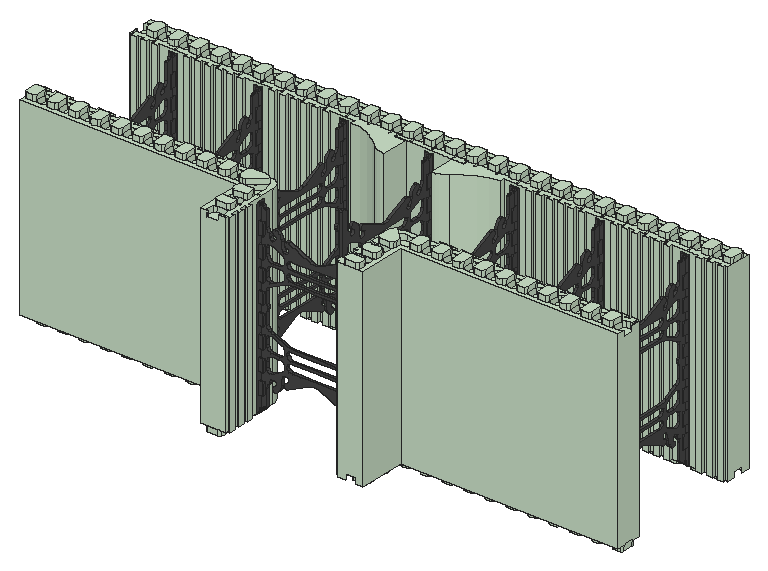
Revit family (continued)
Forms (mm)
  Extrusion 109, void
    sketch origin (-914.381, -0.02, 0) x (0, -1, 0) y (1, 0, 0)
      loop
        arc (-130.453, 639.396) -> (-128.147, 636.215) -> (-124.411, 635) r 6.35
        line (-124.411, 635) -> (-101.014, 635)
        arc (-101.014, 635) -> (-97.278, 636.215) -> (-94.972, 639.396) r 6.35
        arc (-94.972, 639.396) -> (-93.737, 645.691) -> (-94.024, 652.1) r 26.988
        arc (-94.024, 652.1) -> (-93.668, 653.385) -> (-92.457, 653.946) r 1.588
        line (-92.457, 653.946) -> (-86.829, 653.946) -> (-86.829, 658.285) -> (-95.62, 658.285)
        arc (-95.62, 658.285) -> (-96.199, 658.394) -> (-96.698, 658.708) r 1.588
        arc (-96.698, 658.708) -> (-98.696, 659.961) -> (-101.014, 660.4) r 6.35
        line (-101.014, 660.4) -> (-124.411, 660.4)
        arc (-124.411, 660.4) -> (-128.147, 659.184) -> (-130.453, 656.003) r 6.35
        arc (-130.453, 656.003) -> (-131.763, 647.7) -> (-130.453, 639.396) r 26.987
    from 0 to 12.7
  Extrusion 110, void
    sketch origin (1320.818, -0.02, 0) x (0, -1, 0) y (1, 0, 0)
      loop
        arc (-130.453, -639.396) -> (-131.763, -647.7) -> (-130.453, -656.003) r 26.987
        arc (-130.453, -656.003) -> (-128.147, -659.184) -> (-124.411, -660.4) r 6.35
        line (-124.411, -660.4) -> (-101.014, -660.4)
        arc (-101.014, -660.4) -> (-98.696, -659.961) -> (-96.698, -658.708) r 6.35
        arc (-96.698, -658.708) -> (-96.199, -658.394) -> (-95.62, -658.285) r 1.588
        line (-95.62, -658.285) -> (-86.829, -658.285) -> (-86.829, -653.946) -> (-92.457, -653.946)
        arc (-92.457, -653.946) -> (-93.668, -653.385) -> (-94.024, -652.1) r 1.588
        arc (-94.024, -652.1) -> (-93.737, -645.691) -> (-94.972, -639.396) r 26.988
        arc (-94.972, -639.396) -> (-97.278, -636.215) -> (-101.014, -635) r 6.35
        line (-101.014, -635) -> (-124.411, -635)
        arc (-124.411, -635) -> (-128.147, -636.215) -> (-130.453, -639.396) r 6.35
    from 457.2 to 444.5
  Extrusion 111, void
    sketch origin (50.819, -0.02, 0) x (0, -1, 0) y (1, 0, 0)
      loop
        arc (-130.453, 639.396) -> (-128.147, 636.215) -> (-124.411, 635) r 6.35
        line (-124.411, 635) -> (-101.014, 635)
        arc (-101.014, 635) -> (-97.278, 636.215) -> (-94.972, 639.396) r 6.35
        arc (-94.972, 639.396) -> (-93.737, 645.691) -> (-94.024, 652.1) r 26.988
        arc (-94.024, 652.1) -> (-93.668, 653.385) -> (-92.457, 653.946) r 1.588
        line (-92.457, 653.946) -> (-86.829, 653.946) -> (-86.829, 658.285) -> (-95.62, 658.285)
        arc (-95.62, 658.285) -> (-96.199, 658.394) -> (-96.698, 658.708) r 1.588
        arc (-96.698, 658.708) -> (-98.696, 659.962) -> (-101.014, 660.4) r 6.35
        line (-101.014, 660.4) -> (-124.411, 660.4)
        arc (-124.411, 660.4) -> (-128.147, 659.184) -> (-130.453, 656.003) r 6.35
        arc (-130.453, 656.003) -> (-131.763, 647.7) -> (-130.453, 639.396) r 26.987
    from 0 to 12.7
  Extrusion 112, solid, material "NUDURA Expanded Polystyrene Foam Insulation"
    sketch origin (0.018, -0.019, 0) x (1, 0, 0) y (0, 1, 0)
      loop
        line (133.35, 142.939) -> (-31.75, 142.939) -> (-31.75, 131.479) -> (-25.4, 133.18) -> (-25.4, 117.763) -> (-31.75, 119.346) -> (-31.75, 106.079) -> (-25.4, 107.78) -> (-25.4, 92.363) -> (-31.75, 93.946) -> (-31.75, 82.55) -> (133.35, 82.55) -> (133.35, 93.946) -> (127, 92.363) -> (127, 107.78) -> (133.35, 106.079) -> (133.35, 119.346) -> (127, 117.763) -> (127, 133.18) -> (133.35, 131.479) -> (133.35, 142.939)
    from 0 to 457.2
  Extrusion 113, void
    sketch origin (1371.618, -0.02, 0) x (0, -1, 0) y (1, 0, 0)
      loop
        arc (-130.453, -639.396) -> (-131.763, -647.7) -> (-130.453, -656.003) r 26.987
        arc (-130.453, -656.003) -> (-128.147, -659.184) -> (-124.411, -660.4) r 6.35
        line (-124.411, -660.4) -> (-101.014, -660.4)
        arc (-101.014, -660.4) -> (-98.696, -659.961) -> (-96.698, -658.708) r 6.35
        arc (-96.698, -658.708) -> (-96.199, -658.394) -> (-95.62, -658.285) r 1.588
        line (-95.62, -658.285) -> (-86.829, -658.285) -> (-86.829, -653.946) -> (-92.457, -653.946)
        arc (-92.457, -653.946) -> (-93.668, -653.385) -> (-94.024, -652.1) r 1.588
        arc (-94.024, -652.1) -> (-93.737, -645.691) -> (-94.972, -639.396) r 26.988
        arc (-94.972, -639.396) -> (-97.278, -636.215) -> (-101.014, -635) r 6.35
        line (-101.014, -635) -> (-124.411, -635)
        arc (-124.411, -635) -> (-128.147, -636.215) -> (-130.453, -639.396) r 6.35
    from 457.2 to 444.5
  Extrusion 114, void
    sketch origin (101.619, -0.02, 0) x (0, -1, 0) y (1, 0, 0)
      loop
        arc (-130.453, 639.396) -> (-128.147, 636.215) -> (-124.411, 635) r 6.35
        line (-124.411, 635) -> (-101.014, 635)
        arc (-101.014, 635) -> (-97.278, 636.215) -> (-94.972, 639.396) r 6.35
        arc (-94.972, 639.396) -> (-93.737, 645.691) -> (-94.024, 652.1) r 26.988
        arc (-94.024, 652.1) -> (-93.668, 653.385) -> (-92.457, 653.946) r 1.588
        line (-92.457, 653.946) -> (-86.829, 653.946) -> (-86.829, 658.285) -> (-95.62, 658.285)
        arc (-95.62, 658.285) -> (-96.199, 658.394) -> (-96.698, 658.708) r 1.588
        arc (-96.698, 658.708) -> (-98.696, 659.962) -> (-101.014, 660.4) r 6.35
        line (-101.014, 660.4) -> (-124.411, 660.4)
        arc (-124.411, 660.4) -> (-128.147, 659.184) -> (-130.453, 656.003) r 6.35
        arc (-130.453, 656.003) -> (-131.763, 647.7) -> (-130.453, 639.396) r 26.987
    from 0 to 12.7
  Extrusion 115, void
    sketch origin (609.618, -0.02, 0) x (0, -1, 0) y (1, 0, 0)
      loop
        arc (-130.453, -639.396) -> (-131.763, -647.7) -> (-130.453, -656.003) r 26.987
        arc (-130.453, -656.003) -> (-128.147, -659.184) -> (-124.411, -660.4) r 6.35
        line (-124.411, -660.4) -> (-101.014, -660.4)
        arc (-101.014, -660.4) -> (-98.696, -659.961) -> (-96.698, -658.708) r 6.35
        arc (-96.698, -658.708) -> (-96.199, -658.394) -> (-95.62, -658.285) r 1.588
        line (-95.62, -658.285) -> (-86.829, -658.285) -> (-86.829, -653.946) -> (-92.457, -653.946)
        arc (-92.457, -653.946) -> (-93.668, -653.385) -> (-94.024, -652.1) r 1.588
        arc (-94.024, -652.1) -> (-93.737, -645.691) -> (-94.972, -639.396) r 26.988
        arc (-94.972, -639.396) -> (-97.278, -636.215) -> (-101.014, -635) r 6.35
        line (-101.014, -635) -> (-124.411, -635)
        arc (-124.411, -635) -> (-128.147, -636.215) -> (-130.453, -639.396) r 6.35
    from 457.2 to 444.5
Cuts and joins
  Extrusion 2, Extrusion 3, Extrusion 4, Extrusion 5, Extrusion 6, Extrusion 7, Extrusion 8, Extrusion 9, Extrusion 10, Extrusion 11, Extrusion 12, Extrusion 13, Extrusion 14, Extrusion 15, Extrusion 16, Extrusion 17, Extrusion 18, Extrusion 19, Extrusion 20, Extrusion 21, Extrusion 22, Extrusion 23, Extrusion 24, Extrusion 25, Extrusion 30, Extrusion 31, Extrusion 32, Extrusion 33, Extrusion 34, Extrusion 35, Extrusion 39, Extrusion 40, Extrusion 41, Extrusion 46, Extrusion 47, Extrusion 48, Extrusion 49, Extrusion 50, Extrusion 51, Extrusion 52, Extrusion 53, Extrusion 54, Extrusion 55, Extrusion 56, Extrusion 57, Extrusion 58, Extrusion 59, Extrusion 60, Extrusion 61, Extrusion 62, Extrusion 63, Extrusion 64, Extrusion 65, Extrusion 66, Extrusion 67, Extrusion 68, Extrusion 69, Extrusion 70, Extrusion 71, Extrusion 72, Extrusion 73, Extrusion 74, Extrusion 75, Extrusion 76, Extrusion 77, Extrusion 78, Extrusion 79, Extrusion 80, Extrusion 81, Extrusion 82, Extrusion 83, Extrusion 84, Extrusion 85, Extrusion 86, Extrusion 87, Extrusion 88, Extrusion 89, Extrusion 90, Extrusion 91, Extrusion 92, Extrusion 93, Extrusion 94, Extrusion 95, Extrusion 96, Extrusion 97, Extrusion 98, Extrusion 99, Extrusion 100, Extrusion 101, Extrusion 102, Extrusion 103, Extrusion 104, Extrusion 105, Extrusion 106, Extrusion 107, Extrusion 108, Extrusion 109, Extrusion 110, Extrusion 111, Extrusion 113, Extrusion 114, Extrusion 115 cuts Extrusion 1
  Extrusion 4 cuts Extrusion 43
  Extrusion 8 cuts Extrusion 44
  Extrusion 13 cuts Extrusion 42
  Extrusion 19 cuts Extrusion 45
  Extrusion 26, Extrusion 27, Extrusion 28, Extrusion 29, Extrusion 36, Extrusion 37, Extrusion 38 cuts Extrusion 112
Lines and regions (mm)
  model lines
    curve 1: line (0.018, 142.92, 457.2) -> (0.018, 142.92, 0)
    curve 2: line (-50.782, 142.92, 0) -> (-50.782, 142.92, 457.2)
Dimensions and locks
  aligned and locked: level to plane 2
  aligned and locked: Extrusion 1 to level
  aligned and locked: nested 40 to nested 41
  aligned and locked: nested 108 to nested 40
  aligned and locked: nested 113 to nested 110
Nested families
  nested 1: "Interlock Tooth" at (101.618, -355.619, 0) x (0, 1, 0) z (0, 0, 1), type "Interlock Tooth"
  nested 2: "Interlock Tooth" at (101.618, -304.819, 0) x (0, 1, 0) z (0, 0, 1), type "Interlock Tooth"
  nested 3: "Interlock Tooth" at (0.018, -330.219, 0) x (0, 1, 0) z (0, 0, 1), type "Interlock Tooth"
  nested 4: "Interlock Tooth" at (0.018, -279.419, 0) x (0, 1, 0) z (0, 0, 1), type "Interlock Tooth"
  nested 5: "Interlock Tooth" at (-253.982, -101.619, 0), type "Interlock Tooth"
  nested 6: "Interlock Tooth" at (-203.182, -101.619, 0), type "Interlock Tooth"
  nested 7: "Interlock Tooth" at (254.018, -101.619, 0), type "Interlock Tooth"
  nested 8: "Interlock Tooth" at (304.818, -101.619, 0), type "Interlock Tooth"
  nested 9: "Interlock Tooth" at (-228.582, -101.619, -469.9), type "Interlock Tooth"
  nested 10: "Interlock Tooth" at (-177.782, -101.619, -469.9), type "Interlock Tooth"
  nested 11: "Interlock Tooth" at (330.218, -101.619, -469.9), type "Interlock Tooth"
  nested 12: "Interlock Tooth" at (279.418, -101.619, -469.9), type "Interlock Tooth"
  nested 13: "Interlock Tooth" at (0.018, -330.219, -469.9) x (0, -1, 0) z (0, 0, 1), type "Interlock Tooth"
  nested 14: "Interlock Tooth" at (0.018, -279.419, -469.9) x (0, -1, 0) z (0, 0, 1), type "Interlock Tooth"
  nested 15: "Interlock Tooth" at (101.618, -330.219, -469.9) x (0, 1, 0) z (0, 0, 1), type "Interlock Tooth"
  nested 16: "Interlock Tooth" at (101.618, -279.419, -469.9) x (0, 1, 0) z (0, 0, 1), type "Interlock Tooth"
  nested 17: "Interlock Tooth" at (-203.182, -0.02, 0) x (-1, 0, 0) z (0, 0, 1), type "Interlock Tooth"
  nested 18: "Interlock Tooth" at (-228.582, -0.02, -469.9) x (-1, 0, 0) z (0, 0, 1), type "Interlock Tooth"
  nested 19: "Interlock Tooth" at (-152.382, -0.02, 0) x (-1, 0, 0) z (0, 0, 1), type "Interlock Tooth"
  nested 20: "Interlock Tooth" at (-177.782, -0.02, -469.9) x (-1, 0, 0) z (0, 0, 1), type "Interlock Tooth"
  nested 21: "Interlock Tooth" at (-101.582, -0.02, 0) x (-1, 0, 0) z (0, 0, 1), type "Interlock Tooth"
  nested 22: "Interlock Tooth" at (-126.982, -0.02, -469.9) x (-1, 0, 0) z (0, 0, 1), type "Interlock Tooth"
  nested 23: "Interlock Tooth" at (-50.782, -0.02, 0) x (-1, 0, 0) z (0, 0, 1), type "Interlock Tooth"
  nested 24: "Interlock Tooth" at (-76.182, -0.02, -469.9) x (-1, 0, 0) z (0, 0, 1), type "Interlock Tooth"
  nested 25: "Interlock Tooth" at (0.018, -0.02, 0) x (-1, 0, 0) z (0, 0, 1), type "Interlock Tooth"
  nested 26: "Interlock Tooth" at (-25.382, -0.02, -469.9) x (-1, 0, 0) z (0, 0, 1), type "Interlock Tooth"
  nested 27: "Interlock Tooth" at (50.818, -0.02, 0) x (-1, 0, 0) z (0, 0, 1), type "Interlock Tooth"
  nested 28: "Interlock Tooth" at (25.418, -0.02, -469.9) x (-1, 0, 0) z (0, 0, 1), type "Interlock Tooth"
  nested 29: "Interlock Tooth" at (101.618, -0.02, 0) x (-1, 0, 0) z (0, 0, 1), type "Interlock Tooth"
  nested 30: "Interlock Tooth" at (76.218, -0.02, -469.9) x (-1, 0, 0) z (0, 0, 1), type "Interlock Tooth"
  nested 31: "Interlock Tooth" at (152.418, -0.02, 0) x (-1, 0, 0) z (0, 0, 1), type "Interlock Tooth"
  nested 32: "Interlock Tooth" at (127.018, -0.02, -469.9) x (-1, 0, 0) z (0, 0, 1), type "Interlock Tooth"
  nested 33: "Interlock Tooth" at (203.218, -0.02, 0) x (-1, 0, 0) z (0, 0, 1), type "Interlock Tooth"
  nested 34: "Interlock Tooth" at (177.818, -0.02, -469.9) x (-1, 0, 0) z (0, 0, 1), type "Interlock Tooth"
  nested 35: "Interlock Tooth" at (254.018, -0.02, 0) x (-1, 0, 0) z (0, 0, 1), type "Interlock Tooth"
  nested 36: "Interlock Tooth" at (228.618, -0.02, -469.9) x (-1, 0, 0) z (0, 0, 1), type "Interlock Tooth"
  nested 37: "NUDURA Diamond Pattern Missing Two Lines" at (-285.732, -355.619, 0) x (0, 1, 0) z (0, 0, 1), type "NUDURA Diamond Pattern minus Two lines"
  nested 38: "NUDURA Diamond Pattern Missing Two Lines" at (-253.982, -101.619, 0), type "NUDURA Diamond Pattern minus Two lines"
  nested 39: "NUDURA Diamond Pattern Missing Two Lines" at (101.618, -355.619, 0) x (0, 1, 0) z (0, 0, 1), type "NUDURA Diamond Pattern minus Two lines"
  nested 40: "NUDURA Logo Diamond" at (558.753, 142.92, 0) x (-1, 0, 0) z (0, 0, 1), type "NUDURA Logo Diamond"
  nested 41: "NUDURA Logo Diamond" at (152.353, 142.92, 0) x (-1, 0, 0) z (0, 0, 1), type "NUDURA Logo Diamond"
  nested 42: "Interlock Tooth" at (-406.382, -0.02, 0) x (-1, 0, 0) z (0, 0, 1), type "Interlock Tooth"
  nested 43: "Interlock Tooth" at (-355.582, -0.02, 0) x (-1, 0, 0) z (0, 0, 1), type "Interlock Tooth"
  nested 44: "Interlock Tooth" at (-304.782, -0.02, 0) x (-1, 0, 0) z (0, 0, 1), type "Interlock Tooth"
  nested 45: "Interlock Tooth" at (-253.982, -0.02, 0) x (-1, 0, 0) z (0, 0, 1), type "Interlock Tooth"
  nested 46: "Interlock Tooth" at (-457.182, -0.02, 0) x (-1, 0, 0) z (0, 0, 1), type "Interlock Tooth"
  nested 47: "Interlock Tooth" at (-609.582, -0.02, 0) x (-1, 0, 0) z (0, 0, 1), type "Interlock Tooth"
  nested 48: "Interlock Tooth" at (-558.782, -0.02, 0) x (-1, 0, 0) z (0, 0, 1), type "Interlock Tooth"
  nested 49: "Interlock Tooth" at (-507.982, -0.02, 0) x (-1, 0, 0) z (0, 0, 1), type "Interlock Tooth"
  nested 50: "Interlock Tooth" at (-355.582, -101.619, 0), type "Interlock Tooth"
  nested 51: "Interlock Tooth" at (-304.782, -101.619, 0), type "Interlock Tooth"
  nested 52: "Interlock Tooth" at (-457.182, -101.619, 0), type "Interlock Tooth"
  nested 53: "Interlock Tooth" at (-406.382, -101.619, 0), type "Interlock Tooth"
  nested 54: "Interlock Tooth" at (-558.782, -101.619, 0), type "Interlock Tooth"
  nested 55: "Interlock Tooth" at (-507.982, -101.619, 0), type "Interlock Tooth"
  nested 56: "Interlock Tooth" at (-660.382, -101.619, 0), type "Interlock Tooth"
  nested 57: "Interlock Tooth" at (-609.582, -101.619, 0), type "Interlock Tooth"
  nested 58: "Interlock Tooth" at (355.618, -101.619, 0), type "Interlock Tooth"
  nested 59: "Interlock Tooth" at (406.418, -101.619, 0), type "Interlock Tooth"
  nested 60: "Interlock Tooth" at (457.218, -101.619, 0), type "Interlock Tooth"
  nested 61: "Interlock Tooth" at (508.018, -101.619, 0), type "Interlock Tooth"
  nested 62: "Interlock Tooth" at (558.818, -101.619, 0), type "Interlock Tooth"
  nested 63: "Interlock Tooth" at (609.618, -101.619, 0), type "Interlock Tooth"
  nested 64: "Interlock Tooth" at (660.418, -101.619, 0), type "Interlock Tooth"
  nested 65: "Interlock Tooth" at (711.218, -101.619, 0), type "Interlock Tooth"
  nested 66: "Interlock Tooth" at (355.618, -0.02, 0) x (-1, 0, 0) z (0, 0, 1), type "Interlock Tooth"
  nested 67: "Interlock Tooth" at (406.418, -0.02, 0) x (-1, 0, 0) z (0, 0, 1), type "Interlock Tooth"
  nested 68: "Interlock Tooth" at (457.218, -0.02, 0) x (-1, 0, 0) z (0, 0, 1), type "Interlock Tooth"
  nested 69: "Interlock Tooth" at (508.018, -0.02, 0) x (-1, 0, 0) z (0, 0, 1), type "Interlock Tooth"
  nested 70: "Interlock Tooth" at (558.818, -0.02, 0) x (-1, 0, 0) z (0, 0, 1), type "Interlock Tooth"
  nested 71: "Interlock Tooth" at (609.618, -0.02, 0) x (-1, 0, 0) z (0, 0, 1), type "Interlock Tooth"
  nested 72: "Interlock Tooth" at (660.418, -0.02, 0) x (-1, 0, 0) z (0, 0, 1), type "Interlock Tooth"
  nested 73: "Interlock Tooth" at (304.818, -0.02, 0) x (-1, 0, 0) z (0, 0, 1), type "Interlock Tooth"
  nested 74: "Interlock Tooth" at (-330.182, -101.619, -469.9), type "Interlock Tooth"
  nested 75: "Interlock Tooth" at (-279.382, -101.619, -469.9), type "Interlock Tooth"
  nested 76: "Interlock Tooth" at (-431.782, -101.619, -469.9), type "Interlock Tooth"
  nested 77: "Interlock Tooth" at (-380.982, -101.619, -469.9), type "Interlock Tooth"
  nested 78: "Interlock Tooth" at (-533.382, -101.619, -469.9), type "Interlock Tooth"
  nested 79: "Interlock Tooth" at (-482.582, -101.619, -469.9), type "Interlock Tooth"
  nested 80: "Interlock Tooth" at (-634.982, -101.619, -469.9), type "Interlock Tooth"
  nested 81: "Interlock Tooth" at (-584.182, -101.619, -469.9), type "Interlock Tooth"
  nested 82: "Interlock Tooth" at (431.818, -101.619, -469.9), type "Interlock Tooth"
  nested 83: "Interlock Tooth" at (381.018, -101.619, -469.9), type "Interlock Tooth"
  nested 84: "Interlock Tooth" at (533.418, -101.619, -469.9), type "Interlock Tooth"
  nested 85: "Interlock Tooth" at (482.618, -101.619, -469.9), type "Interlock Tooth"
  nested 86: "Interlock Tooth" at (635.018, -101.619, -469.9), type "Interlock Tooth"
  nested 87: "Interlock Tooth" at (584.218, -101.619, -469.9), type "Interlock Tooth"
  nested 88: "Interlock Tooth" at (736.618, -101.619, -469.9), type "Interlock Tooth"
  nested 89: "Interlock Tooth" at (685.818, -101.619, -469.9), type "Interlock Tooth"
  nested 90: "Interlock Tooth" at (279.418, -0.02, -469.9) x (-1, 0, 0) z (0, 0, 1), type "Interlock Tooth"
  nested 91: "Interlock Tooth" at (330.218, -0.02, -469.9) x (-1, 0, 0) z (0, 0, 1), type "Interlock Tooth"
  nested 92: "Interlock Tooth" at (381.018, -0.02, -469.9) x (-1, 0, 0) z (0, 0, 1), type "Interlock Tooth"
  nested 93: "Interlock Tooth" at (431.818, -0.02, -469.9) x (-1, 0, 0) z (0, 0, 1), type "Interlock Tooth"
  nested 94: "Interlock Tooth" at (482.618, -0.02, -469.9) x (-1, 0, 0) z (0, 0, 1), type "Interlock Tooth"
  nested 95: "Interlock Tooth" at (533.418, -0.02, -469.9) x (-1, 0, 0) z (0, 0, 1), type "Interlock Tooth"
  nested 96: "Interlock Tooth" at (584.218, -0.02, -469.9) x (-1, 0, 0) z (0, 0, 1), type "Interlock Tooth"
  nested 97: "Interlock Tooth" at (635.018, -0.02, -469.9) x (-1, 0, 0) z (0, 0, 1), type "Interlock Tooth"
  nested 98: "Interlock Tooth" at (-634.982, -0.02, -469.9) x (-1, 0, 0) z (0, 0, 1), type "Interlock Tooth"
  nested 99: "Interlock Tooth" at (-584.182, -0.02, -469.9) x (-1, 0, 0) z (0, 0, 1), type "Interlock Tooth"
  nested 100: "Interlock Tooth" at (-533.382, -0.02, -469.9) x (-1, 0, 0) z (0, 0, 1), type "Interlock Tooth"
  nested 101: "Interlock Tooth" at (-482.582, -0.02, -469.9) x (-1, 0, 0) z (0, 0, 1), type "Interlock Tooth"
  nested 102: "Interlock Tooth" at (-431.782, -0.02, -469.9) x (-1, 0, 0) z (0, 0, 1), type "Interlock Tooth"
  nested 103: "Interlock Tooth" at (-380.982, -0.02, -469.9) x (-1, 0, 0) z (0, 0, 1), type "Interlock Tooth"
  nested 104: "Interlock Tooth" at (-330.182, -0.02, -469.9) x (-1, 0, 0) z (0, 0, 1), type "Interlock Tooth"
  nested 105: "Interlock Tooth" at (-279.382, -0.02, -469.9) x (-1, 0, 0) z (0, 0, 1), type "Interlock Tooth"
  nested 106: "NUDURA Diamond Pattern" at (-660.382, 285.795, 0), type "NUDURA Diamond Pattern"
  nested 107: "NUDURA Diamond Pattern" at (-457.182, 285.795, 0), type "NUDURA Diamond Pattern"
  nested 108: "NUDURA Diamond Pattern" at (558.818, 0.045, 0) x (-1, 0, 0) z (0, 0, 1), type "NUDURA Diamond Pattern"
  nested 109: "NUDURA Diamond Pattern" at (762.018, 0.045, 0) x (-1, 0, 0) z (0, 0, 1), type "NUDURA Diamond Pattern"
  nested 110: "NUDURA Logo Diamond" at (355.683, -244.429, 0), type "NUDURA Logo Diamond"
  nested 111: "NUDURA Logo Diamond" at (-863.517, -244.429, 0), type "NUDURA Logo Diamond"
  nested 112: "NUDURA Diamond Pattern" at (-457.182, -101.554, 0), type "NUDURA Diamond Pattern"
  nested 113: "NUDURA Diamond Pattern" at (355.618, -101.554, 0), type "NUDURA Diamond Pattern"
  nested 114: "NUDURA Diamond Pattern Missing Left Line" at (152.418, -101.554, 0), type "NUDURA Diamond Pattern missing left line"
  nested 115: "Interlock Tooth" at (711.218, -0.02, 0) x (-1, 0, 0) z (0, 0, 1), type "Interlock Tooth"
  nested 116: "Interlock Tooth" at (685.818, -0.02, -469.9) x (-1, 0, 0) z (0, 0, 1), type "Interlock Tooth"
  nested 117: "Interlock Tooth" at (762.018, -0.02, 0) x (-1, 0, 0) z (0, 0, 1), type "Interlock Tooth"
  nested 118: "Interlock Tooth" at (736.618, -0.02, -469.9) x (-1, 0, 0) z (0, 0, 1), type "Interlock Tooth"
  nested 119: "10-inch Insert Web" at (-558.782, -50.819, 0), type "10-inch Insert Web"
  nested 120: "10-inch Insert Web" at (-355.582, -50.819, 0), type "10-inch Insert Web"
  nested 121: "10-inch Insert Web" at (-152.382, -50.819, 0), type "10-inch Insert Web"
  nested 122: "10-inch Insert Web" at (254.018, -50.819, 0), type "10-inch Insert Web"
  nested 123: "10-inch Insert Web" at (457.218, -50.819, 0), type "10-inch Insert Web"
  nested 124: "10-inch Insert Web" at (660.418, -50.819, 0), type "10-inch Insert Web"
  nested 125: "10-inch Insert Web w One Fastening Strip" at (50.818, -50.819, 0) x (-1, 0, 0) z (0, 0, 1), type "10-inch Insert Web w One Fastening Strip"
  nested 126: "10-inch Insert Web" at (50.818, -254.019, 0) x (0, 1, 0) z (0, 0, 1), type "10-inch Insert Web"
  nested 127: "NUDURA Diamond Pattern" at (152.418, 0.045, 0) x (-1, 0, 0) z (0, 0, 1), type "NUDURA Diamond Pattern"
Definition of nested family "Interlock Tooth"
  Reference planes
    plane 1 "Center (Front/Back)": y = 0
    plane 2: z = 0
    plane 3 "Center (Left/Right)": x = 0
    plane 4: z = 457.2
    plane 5: z = 469.9
    plane 6: z = -12.7
  Forms (mm)
    Extrusion 1, solid, material "NUDURA Expanded Polystyrene Foam Insulation"
      sketch origin (0, -225.425, 0) x (1, 0, 0) y (0, 1, 0)
        loop
          arc (0, 101.014) -> (1.215, 97.278) -> (4.396, 94.972) r 6.35
          arc (4.396, 94.972) -> (12.7, 93.663) -> (21.004, 94.972) r 26.988
          arc (21.004, 94.972) -> (24.185, 97.278) -> (25.4, 101.014) r 6.35
          line (25.4, 101.014) -> (25.4, 124.411)
          arc (25.4, 124.411) -> (24.185, 128.147) -> (21.004, 130.453) r 6.35
          arc (21.004, 130.453) -> (12.7, 131.763) -> (4.396, 130.453) r 26.987
          arc (4.396, 130.453) -> (1.215, 128.147) -> (0, 124.411) r 6.35
          line (0, 124.411) -> (0, 101.014)
      from 457.2 to 469.9
  Dimensions and locks
    locked: plane 4 to level at 457.2
    locked: plane 4 to plane 5 at 12.7
    locked: plane 6 to level at 12.7
Definition of nested family "10-inch Insert Web"
  Reference planes
    plane 1 "Center (Front/Back)": y = 0
    plane 2: z = 0
    plane 3 "Center (Left/Right)": x = 0
  Forms (mm)
    Extrusion 1, solid, material "High Density Polystyrene"
      sketch origin (0, 0, 0) x (0, 1, 0) y (0, 0, 1)
        loop
          line (133.35, 0) -> (133.35, 450.744)
          arc (133.35, 450.744) -> (132.617, 450.243) -> (132.334, 449.4) r 1.397
          line (132.334, 449.4) -> (132.334, 1.344)
          arc (132.334, 1.344) -> (132.617, 0.502) -> (133.35, 0) r 1.397
        loop
          arc (-133.35, 0) -> (-132.617, 0.502) -> (-132.334, 1.344) r 1.397
          line (-132.334, 1.344) -> (-132.334, 449.4)
          arc (-132.334, 449.4) -> (-132.617, 450.243) -> (-133.35, 450.744) r 1.397
          line (-133.35, 450.744) -> (-133.35, 0)
      from 9.227 to -9.227
    Extrusion 2, solid, material "High Density Polystyrene"
      sketch origin (0, 0, 0) x (0, 1, 0) y (0, 0, 1)
        loop
          arc (131.798, 442.16) -> (132.175, 442.021) -> (132.334, 441.652) r 0.508
          line (132.334, 441.652) -> (132.334, 447.972)
          arc (132.334, 447.972) -> (132.229, 447.585) -> (131.942, 447.306) r 0.762
          line (131.942, 447.306) -> (130.186, 446.33)
          arc (130.186, 446.33) -> (129.899, 446.05) -> (129.794, 445.664) r 0.762
          line (129.794, 445.664) -> (129.794, 442.585)
          arc (129.794, 442.585) -> (129.953, 442.216) -> (130.33, 442.078) r 0.508
          line (130.33, 442.078) -> (131.798, 442.16)
        loop
          line (-130.186, 446.33) -> (-131.942, 447.306)
          arc (-131.942, 447.306) -> (-132.229, 447.585) -> (-132.334, 447.972) r 0.762
          line (-132.334, 447.972) -> (-132.334, 441.652)
          arc (-132.334, 441.652) -> (-132.175, 442.021) -> (-131.798, 442.16) r 0.508
          line (-131.798, 442.16) -> (-130.33, 442.078)
          arc (-130.33, 442.078) -> (-129.953, 442.216) -> (-129.794, 442.585) r 0.508
          line (-129.794, 442.585) -> (-129.794, 445.664)
          arc (-129.794, 445.664) -> (-129.899, 446.05) -> (-130.186, 446.33) r 0.762
        loop
          line (131.798, 8.585) -> (130.33, 8.666)
          arc (130.33, 8.666) -> (129.953, 8.528) -> (129.794, 8.159) r 0.508
          line (129.794, 8.159) -> (129.794, 5.08)
          arc (129.794, 5.08) -> (129.899, 4.694) -> (130.186, 4.414) r 0.762
          line (130.186, 4.414) -> (131.942, 3.439)
          arc (131.942, 3.439) -> (132.229, 3.159) -> (132.334, 2.772) r 0.762
          line (132.334, 2.772) -> (132.334, 9.092)
          arc (132.334, 9.092) -> (132.175, 8.723) -> (131.798, 8.585) r 0.508
        loop
          arc (-130.186, 4.414) -> (-129.899, 4.694) -> (-129.794, 5.08) r 0.762
          line (-129.794, 5.08) -> (-129.794, 8.159)
          arc (-129.794, 8.159) -> (-129.953, 8.528) -> (-130.33, 8.666) r 0.508
          line (-130.33, 8.666) -> (-131.798, 8.585)
          arc (-131.798, 8.585) -> (-132.175, 8.723) -> (-132.334, 9.092) r 0.508
          line (-132.334, 9.092) -> (-132.334, 2.772)
          arc (-132.334, 2.772) -> (-132.229, 3.159) -> (-131.942, 3.439) r 0.762
          line (-131.942, 3.439) -> (-130.186, 4.414)
        loop
          line (127, 437.076) -> (125.095, 442.918)
          arc (125.095, 442.918) -> (123.825, 443.68) -> (122.555, 442.918) r 1.439
          line (122.555, 442.918) -> (121.313, 439.108) -> (118.083, 439.108)
          arc (118.083, 439.108) -> (117.204, 438.744) -> (116.84, 437.865) r 1.243
          line (116.84, 437.865) -> (116.84, 437.076) -> (114.3, 437.076) -> (114.3, 400.201)
          arc (114.3, 400.201) -> (112.544, 393.421) -> (107.718, 388.345) r 13.97
          arc (107.718, 388.345) -> (106.485, 386.915) -> (106.281, 385.039) r 3.175
          arc (106.281, 385.039) -> (94.976, 376.743) -> (95.802, 390.741) r 7.747
          arc (95.802, 390.741) -> (98.914, 398.005) -> (91.65, 401.117) r 5.588
          arc (91.65, 401.117) -> (82.659, 393.619) -> (79.799, 382.266) r 18.923
          arc (79.799, 382.266) -> (78.691, 371.727) -> (75.421, 361.646) r 50.8
          arc (75.421, 361.646) -> (62.744, 361.552) -> (66.95, 373.51) r 7.747
          arc (66.95, 373.51) -> (70.834, 381.929) -> (61.911, 384.447) r 6.096
          line (61.911, 384.447) -> (12.7, 361.328)
          arc (12.7, 361.328) -> (6.523, 359.099) -> (0, 358.343) r 28.508
          arc (0, 358.343) -> (-6.523, 359.099) -> (-12.7, 361.328) r 28.508
          line (-12.7, 361.328) -> (-61.911, 384.447)
          arc (-61.911, 384.447) -> (-70.834, 381.929) -> (-66.95, 373.51) r 6.096
          arc (-66.95, 373.51) -> (-62.744, 361.552) -> (-75.421, 361.646) r 7.747
          arc (-75.421, 361.646) -> (-78.691, 371.727) -> (-79.799, 382.266) r 50.8
          arc (-79.799, 382.266) -> (-82.659, 393.619) -> (-91.65, 401.117) r 18.923
          arc (-91.65, 401.117) -> (-98.914, 398.005) -> (-95.802, 390.741) r 5.588
          arc (-95.802, 390.741) -> (-94.976, 376.743) -> (-106.281, 385.039) r 7.747
          arc (-106.281, 385.039) -> (-106.485, 386.915) -> (-107.718, 388.345) r 3.175
          arc (-107.718, 388.345) -> (-112.544, 393.421) -> (-114.3, 400.201) r 13.97
          line (-114.3, 400.201) -> (-114.3, 437.076) -> (-116.84, 437.076) -> (-116.84, 437.865)
          arc (-116.84, 437.865) -> (-117.204, 438.744) -> (-118.083, 439.108) r 1.243
          line (-118.083, 439.108) -> (-121.313, 439.108) -> (-122.555, 442.918)
          arc (-122.555, 442.918) -> (-123.825, 443.68) -> (-125.095, 442.918) r 1.439
          line (-125.095, 442.918) -> (-127, 437.076) -> (-127, 16.896) -> (-125.095, 11.054)
          arc (-125.095, 11.054) -> (-123.825, 10.292) -> (-122.555, 11.054) r 1.439
          line (-122.555, 11.054) -> (-121.313, 14.864) -> (-118.083, 14.864)
          arc (-118.083, 14.864) -> (-117.204, 15.228) -> (-116.84, 16.107) r 1.243
          line (-116.84, 16.107) -> (-116.84, 16.896) -> (-114.3, 16.896) -> (-114.3, 56.999)
          arc (-114.3, 56.999) -> (-112.544, 63.779) -> (-107.718, 68.855) r 13.97
          arc (-107.718, 68.855) -> (-106.485, 70.285) -> (-106.281, 72.161) r 3.175
          arc (-106.281, 72.161) -> (-94.976, 80.457) -> (-95.802, 66.459) r 7.747
          arc (-95.802, 66.459) -> (-98.914, 59.195) -> (-91.65, 56.083) r 5.588
          arc (-91.65, 56.083) -> (-82.659, 63.581) -> (-79.799, 74.934) r 18.923
          arc (-79.799, 74.934) -> (-78.691, 85.473) -> (-75.421, 95.554) r 50.8
          arc (-75.421, 95.554) -> (-62.744, 95.648) -> (-66.95, 83.69) r 7.747
          arc (-66.95, 83.69) -> (-70.834, 75.271) -> (-61.911, 72.753) r 6.096
          line (-61.911, 72.753) -> (-12.7, 95.872)
          arc (-12.7, 95.872) -> (-6.523, 98.101) -> (0, 98.857) r 28.508
          arc (0, 98.857) -> (6.523, 98.101) -> (12.7, 95.872) r 28.508
          line (12.7, 95.872) -> (61.911, 72.753)
          arc (61.911, 72.753) -> (70.834, 75.271) -> (66.95, 83.69) r 6.096
          arc (66.95, 83.69) -> (62.744, 95.648) -> (75.421, 95.554) r 7.747
          arc (75.421, 95.554) -> (78.691, 85.473) -> (79.799, 74.934) r 50.8
          arc (79.799, 74.934) -> (82.659, 63.581) -> (91.65, 56.083) r 18.923
          arc (91.65, 56.083) -> (98.914, 59.195) -> (95.802, 66.459) r 5.588
          arc (95.802, 66.459) -> (94.976, 80.457) -> (106.281, 72.161) r 7.747
          arc (106.281, 72.161) -> (106.485, 70.285) -> (107.718, 68.855) r 3.175
          arc (107.718, 68.855) -> (112.544, 63.779) -> (114.3, 56.999) r 13.97
          line (114.3, 56.999) -> (114.3, 16.896) -> (116.84, 16.896) -> (116.84, 16.107)
          arc (116.84, 16.107) -> (117.204, 15.228) -> (118.083, 14.864) r 1.243
          line (118.083, 14.864) -> (121.313, 14.864) -> (122.555, 11.054)
          arc (122.555, 11.054) -> (123.825, 10.292) -> (125.095, 11.054) r 1.439
          line (125.095, 11.054) -> (127, 16.896) -> (127, 437.076)
        loop
          line (0, 348.183) -> (-51.41, 348.183)
          arc (-51.41, 348.183) -> (-54.937, 348.292) -> (-58.451, 348.618) r 57.15
          arc (-58.451, 348.618) -> (-63.029, 345.093) -> (-66.04, 340.162) r 15.855
          line (-66.04, 340.162) -> (-66.04, 336.963)
          arc (-66.04, 336.963) -> (-62.352, 331.126) -> (-56.515, 327.438) r 15.684
          line (-56.515, 327.438) -> (0, 327.438) -> (56.515, 327.438)
          arc (56.515, 327.438) -> (62.352, 331.126) -> (66.04, 336.963) r 15.684
          line (66.04, 336.963) -> (66.04, 340.162)
          arc (66.04, 340.162) -> (63.029, 345.093) -> (58.451, 348.618) r 15.855
          arc (58.451, 348.618) -> (54.937, 348.292) -> (51.41, 348.183) r 57.15
          line (51.41, 348.183) -> (0, 348.183)
        loop
          line (0, 322.866) -> (-56.535, 322.866)
          arc (-56.535, 322.866) -> (-62.36, 319.178) -> (-66.04, 313.348) r 15.684
          line (-66.04, 313.348) -> (-66.04, 310.148)
          arc (-66.04, 310.148) -> (-63.03, 305.218) -> (-58.453, 301.693) r 15.855
          arc (-58.453, 301.693) -> (-54.928, 302.022) -> (-51.389, 302.131) r 57.15
          line (-51.389, 302.131) -> (0, 302.131) -> (51.389, 302.131)
          arc (51.389, 302.131) -> (54.928, 302.022) -> (58.453, 301.693) r 57.15
          arc (58.453, 301.693) -> (63.03, 305.218) -> (66.04, 310.148) r 15.855
          line (66.04, 310.148) -> (66.04, 313.348)
          arc (66.04, 313.348) -> (62.36, 319.178) -> (56.535, 322.866) r 15.684
          line (56.535, 322.866) -> (0, 322.866)
        loop
          line (78.437, 295.422) -> (100.738, 284.985)
          arc (100.738, 284.985) -> (109.887, 285.575) -> (114.3, 293.612) r 9.525
          line (114.3, 293.612) -> (114.3, 306.991)
          arc (114.3, 306.991) -> (109.65, 318.216) -> (98.425, 322.866) r 15.875
          line (98.425, 322.866) -> (83.82, 322.866)
          arc (83.82, 322.866) -> (74.84, 319.146) -> (71.12, 310.166) r 12.7
          line (71.12, 310.166) -> (71.12, 306.925)
          arc (71.12, 306.925) -> (73.104, 300.108) -> (78.437, 295.422) r 12.7
        loop
          line (114.3, 343.313) -> (114.3, 356.692)
          arc (114.3, 356.692) -> (109.887, 364.729) -> (100.738, 365.319) r 9.525
          line (100.738, 365.319) -> (78.437, 354.882)
          arc (78.437, 354.882) -> (73.104, 350.196) -> (71.12, 343.38) r 12.7
          line (71.12, 343.38) -> (71.12, 340.138)
          arc (71.12, 340.138) -> (74.84, 331.158) -> (83.82, 327.438) r 12.7
          line (83.82, 327.438) -> (98.425, 327.438)
          arc (98.425, 327.438) -> (109.65, 332.088) -> (114.3, 343.313) r 15.875
        loop
          line (106.983, 277.014) -> (75.025, 291.971)
          arc (75.025, 291.971) -> (63.208, 295.996) -> (50.8, 297.359) r 57.15
          line (50.8, 297.359) -> (0, 297.359) -> (-50.8, 297.359)
          arc (-50.8, 297.359) -> (-63.208, 295.996) -> (-75.025, 291.971) r 57.15
          line (-75.025, 291.971) -> (-106.983, 277.014)
          arc (-106.983, 277.014) -> (-112.316, 272.328) -> (-114.3, 265.512) r 12.7
          line (-114.3, 265.512) -> (-114.3, 236.534) -> (-111.252, 231.454) -> (-111.252, 228.6) -> (-111.252, 225.746) -> (-114.3, 220.666) -> (-114.3, 191.688)
          arc (-114.3, 191.688) -> (-112.316, 184.872) -> (-106.983, 180.186) r 12.7
          line (-106.983, 180.186) -> (-75.025, 165.229)
          arc (-75.025, 165.229) -> (-63.208, 161.204) -> (-50.8, 159.841) r 57.15
          line (-50.8, 159.841) -> (0, 159.841) -> (50.8, 159.841)
          arc (50.8, 159.841) -> (63.208, 161.204) -> (75.025, 165.229) r 57.15
          line (75.025, 165.229) -> (106.983, 180.186)
          arc (106.983, 180.186) -> (112.316, 184.872) -> (114.3, 191.688) r 12.7
          line (114.3, 191.688) -> (114.3, 220.666) -> (111.252, 225.746) -> (111.252, 228.6) -> (111.252, 231.454) -> (114.3, 236.534) -> (114.3, 265.512)
          arc (114.3, 265.512) -> (112.316, 272.328) -> (106.983, 277.014) r 12.7
        loop
          arc (-78.437, 295.422) -> (-73.104, 300.108) -> (-71.12, 306.925) r 12.7
          line (-71.12, 306.925) -> (-71.12, 310.166)
          arc (-71.12, 310.166) -> (-74.84, 319.146) -> (-83.82, 322.866) r 12.7
          line (-83.82, 322.866) -> (-98.425, 322.866)
          arc (-98.425, 322.866) -> (-109.65, 318.216) -> (-114.3, 306.991) r 15.875
          line (-114.3, 306.991) -> (-114.3, 293.612)
          arc (-114.3, 293.612) -> (-109.887, 285.575) -> (-100.738, 284.985) r 9.525
          line (-100.738, 284.985) -> (-78.437, 295.422)
        loop
          arc (-114.3, 343.313) -> (-109.65, 332.088) -> (-98.425, 327.438) r 15.875
          line (-98.425, 327.438) -> (-83.82, 327.438)
          arc (-83.82, 327.438) -> (-74.84, 331.158) -> (-71.12, 340.138) r 12.7
          line (-71.12, 340.138) -> (-71.12, 343.38)
          arc (-71.12, 343.38) -> (-73.104, 350.196) -> (-78.437, 354.882) r 12.7
          line (-78.437, 354.882) -> (-100.738, 365.319)
          arc (-100.738, 365.319) -> (-109.887, 364.729) -> (-114.3, 356.692) r 9.525
          line (-114.3, 356.692) -> (-114.3, 343.313)
        loop
          line (0, 109.017) -> (51.41, 109.017)
          arc (51.41, 109.017) -> (54.937, 108.908) -> (58.451, 108.582) r 57.15
          arc (58.451, 108.582) -> (63.029, 112.107) -> (66.04, 117.038) r 15.855
          line (66.04, 117.038) -> (66.04, 120.237)
          arc (66.04, 120.237) -> (62.352, 126.074) -> (56.515, 129.762) r 15.684
          line (56.515, 129.762) -> (0, 129.762) -> (-56.515, 129.762)
          arc (-56.515, 129.762) -> (-62.352, 126.074) -> (-66.04, 120.237) r 15.684
          line (-66.04, 120.237) -> (-66.04, 117.038)
          arc (-66.04, 117.038) -> (-63.029, 112.107) -> (-58.451, 108.582) r 15.855
          arc (-58.451, 108.582) -> (-54.937, 108.908) -> (-51.41, 109.017) r 57.15
          line (-51.41, 109.017) -> (0, 109.017)
        loop
          line (0, 134.334) -> (56.535, 134.334)
          arc (56.535, 134.334) -> (62.36, 138.022) -> (66.04, 143.852) r 15.684
          line (66.04, 143.852) -> (66.04, 147.052)
          arc (66.04, 147.052) -> (63.03, 151.982) -> (58.453, 155.507) r 15.855
          arc (58.453, 155.507) -> (54.928, 155.178) -> (51.389, 155.069) r 57.15
          line (51.389, 155.069) -> (0, 155.069) -> (-51.389, 155.069)
          arc (-51.389, 155.069) -> (-54.928, 155.178) -> (-58.453, 155.507) r 57.15
          arc (-58.453, 155.507) -> (-63.03, 151.982) -> (-66.04, 147.052) r 15.855
          line (-66.04, 147.052) -> (-66.04, 143.852)
          arc (-66.04, 143.852) -> (-62.36, 138.022) -> (-56.535, 134.334) r 15.684
          line (-56.535, 134.334) -> (0, 134.334)
        loop
          arc (78.437, 161.778) -> (73.104, 157.092) -> (71.12, 150.275) r 12.7
          line (71.12, 150.275) -> (71.12, 147.034)
          arc (71.12, 147.034) -> (74.84, 138.054) -> (83.82, 134.334) r 12.7
          line (83.82, 134.334) -> (98.425, 134.334)
          arc (98.425, 134.334) -> (109.65, 138.984) -> (114.3, 150.209) r 15.875
          line (114.3, 150.209) -> (114.3, 163.588)
          arc (114.3, 163.588) -> (109.887, 171.625) -> (100.738, 172.215) r 9.525
          line (100.738, 172.215) -> (78.437, 161.778)
        loop
          arc (114.3, 113.887) -> (109.65, 125.112) -> (98.425, 129.762) r 15.875
          line (98.425, 129.762) -> (83.82, 129.762)
          arc (83.82, 129.762) -> (74.84, 126.042) -> (71.12, 117.062) r 12.7
          line (71.12, 117.062) -> (71.12, 113.82)
          arc (71.12, 113.82) -> (73.104, 107.004) -> (78.437, 102.318) r 12.7
          line (78.437, 102.318) -> (100.738, 91.881)
          arc (100.738, 91.881) -> (109.887, 92.471) -> (114.3, 100.508) r 9.525
          line (114.3, 100.508) -> (114.3, 113.887)
        loop
          line (-78.437, 161.778) -> (-100.738, 172.215)
          arc (-100.738, 172.215) -> (-109.887, 171.625) -> (-114.3, 163.588) r 9.525
          line (-114.3, 163.588) -> (-114.3, 150.209)
          arc (-114.3, 150.209) -> (-109.65, 138.984) -> (-98.425, 134.334) r 15.875
          line (-98.425, 134.334) -> (-83.82, 134.334)
          arc (-83.82, 134.334) -> (-74.84, 138.054) -> (-71.12, 147.034) r 12.7
          line (-71.12, 147.034) -> (-71.12, 150.275)
          arc (-71.12, 150.275) -> (-73.104, 157.092) -> (-78.437, 161.778) r 12.7
        loop
          line (-114.3, 113.887) -> (-114.3, 100.508)
          arc (-114.3, 100.508) -> (-109.887, 92.471) -> (-100.738, 91.881) r 9.525
          line (-100.738, 91.881) -> (-78.437, 102.318)
          arc (-78.437, 102.318) -> (-73.104, 107.004) -> (-71.12, 113.82) r 12.7
          line (-71.12, 113.82) -> (-71.12, 117.062)
          arc (-71.12, 117.062) -> (-74.84, 126.042) -> (-83.82, 129.762) r 12.7
          line (-83.82, 129.762) -> (-98.425, 129.762)
          arc (-98.425, 129.762) -> (-109.65, 125.112) -> (-114.3, 113.887) r 15.875
      from 3.175 to -3.175
    Extrusion 3, solid, material "High Density Polystyrene"
      sketch origin (0, 0, 0) x (0, 1, 0) y (0, 0, 1)
        loop
          line (132.334, 410.919) -> (119.634, 410.919) -> (119.634, 380.439) -> (132.334, 380.439) -> (132.334, 410.919)
        loop
          line (132.334, 361.389) -> (119.634, 361.389) -> (119.634, 330.909) -> (132.334, 330.909) -> (132.334, 361.389)
        loop
          line (132.334, 311.859) -> (119.634, 311.859) -> (119.634, 281.379) -> (132.334, 281.379) -> (132.334, 311.859)
        loop
          line (132.334, 262.329) -> (119.634, 262.329) -> (119.634, 234.897) -> (132.334, 234.897) -> (132.334, 262.329)
        loop
          line (132.334, 215.847) -> (119.634, 215.847) -> (119.634, 188.415) -> (132.334, 188.415) -> (132.334, 215.847)
        loop
          line (132.334, 169.365) -> (119.634, 169.365) -> (119.634, 138.885) -> (132.334, 138.885) -> (132.334, 169.365)
        loop
          line (132.334, 119.835) -> (119.634, 119.835) -> (119.634, 89.355) -> (132.334, 89.355) -> (132.334, 119.835)
        loop
          line (132.334, 70.305) -> (119.634, 70.305) -> (119.634, 39.825) -> (132.334, 39.825) -> (132.334, 70.305)
        loop
          line (-132.334, 410.919) -> (-132.334, 380.439) -> (-119.634, 380.439) -> (-119.634, 410.919) -> (-132.334, 410.919)
        loop
          line (-132.334, 361.389) -> (-132.334, 330.909) -> (-119.634, 330.909) -> (-119.634, 361.389) -> (-132.334, 361.389)
        loop
          line (-132.334, 311.859) -> (-132.334, 281.379) -> (-119.634, 281.379) -> (-119.634, 311.859) -> (-132.334, 311.859)
        loop
          line (-132.334, 262.329) -> (-132.334, 234.897) -> (-119.634, 234.897) -> (-119.634, 262.329) -> (-132.334, 262.329)
        loop
          line (-132.334, 215.847) -> (-132.334, 188.415) -> (-119.634, 188.415) -> (-119.634, 215.847) -> (-132.334, 215.847)
        loop
          line (-132.334, 169.365) -> (-132.334, 138.885) -> (-119.634, 138.885) -> (-119.634, 169.365) -> (-132.334, 169.365)
        loop
          line (-132.334, 119.835) -> (-132.334, 89.355) -> (-119.634, 89.355) -> (-119.634, 119.835) -> (-132.334, 119.835)
        loop
          line (-132.334, 70.305) -> (-132.334, 39.825) -> (-119.634, 39.825) -> (-119.634, 70.305) -> (-132.334, 70.305)
      from 6.35 to -6.35
    Extrusion 4, void
      sketch origin (0, 50.8, 0) x (1, 0, 0) y (0, 1, 0)
        loop
          line (-6.35, 70.929) -> (-6.35, 68.834) -> (-4.255, 68.834)
          arc (-4.255, 68.834) -> (-5.736, 69.448) -> (-6.35, 70.929) r 2.095
      from 0 to 457.2
    Extrusion 5, void
      sketch origin (0, 50.8, 0) x (-1, 0, 0) y (0, -1, 0)
        loop
          arc (-6.35, -70.929) -> (-5.736, -69.448) -> (-4.255, -68.834) r 2.095
          line (-4.255, -68.834) -> (-6.35, -68.834) -> (-6.35, -70.929)
      from 0 to 457.2
    Extrusion 6, void
      sketch origin (0, -50.8, 0) x (1, 0, 0) y (0, 1, 0)
        loop
          arc (-6.35, -70.929) -> (-5.736, -69.448) -> (-4.255, -68.834) r 2.095
          line (-4.255, -68.834) -> (-6.35, -68.834) -> (-6.35, -70.929)
      from 0 to 457.2
    Extrusion 7, void
      sketch origin (0, -50.8, 0) x (-1, 0, 0) y (0, -1, 0)
        loop
          line (-6.35, 70.929) -> (-6.35, 68.834) -> (-4.255, 68.834)
          arc (-4.255, 68.834) -> (-5.736, 69.448) -> (-6.35, 70.929) r 2.095
      from 0 to 457.2
  Cuts and joins
    Extrusion 4, Extrusion 5, Extrusion 6, Extrusion 7 cuts Extrusion 1
    Extrusion 4, Extrusion 5, Extrusion 6, Extrusion 7 cuts Extrusion 3
Definition of nested family "10-inch Insert Web w One Fastening Strip"
  Reference planes
    plane 1 "Center (Front/Back)": y = 0
    plane 2: z = 0
    plane 3 "Center (Left/Right)": x = 0
  Forms (mm)
    Extrusion 1, solid, material "High Density Polystyrene"
      sketch origin (0, 0, 0) x (0, 1, 0) y (0, 0, 1)
        loop
          arc (-133.35, 0) -> (-132.617, 0.502) -> (-132.334, 1.344) r 1.397
          line (-132.334, 1.344) -> (-132.334, 449.4)
          arc (-132.334, 449.4) -> (-132.617, 450.243) -> (-133.35, 450.744) r 1.397
          line (-133.35, 450.744) -> (-133.35, 0)
      from 9.227 to -9.227
    Extrusion 2, solid, material "High Density Polystyrene"
      sketch origin (0, 0, 0) x (0, 1, 0) y (0, 0, 1)
        loop
          line (-130.186, 446.33) -> (-131.942, 447.306)
          arc (-131.942, 447.306) -> (-132.229, 447.585) -> (-132.334, 447.972) r 0.762
          line (-132.334, 447.972) -> (-132.334, 441.652)
          arc (-132.334, 441.652) -> (-132.175, 442.021) -> (-131.798, 442.16) r 0.508
          line (-131.798, 442.16) -> (-130.33, 442.078)
          arc (-130.33, 442.078) -> (-129.953, 442.216) -> (-129.794, 442.585) r 0.508
          line (-129.794, 442.585) -> (-129.794, 445.664)
          arc (-129.794, 445.664) -> (-129.899, 446.05) -> (-130.186, 446.33) r 0.762
        loop
          arc (-130.186, 4.414) -> (-129.899, 4.694) -> (-129.794, 5.08) r 0.762
          line (-129.794, 5.08) -> (-129.794, 8.159)
          arc (-129.794, 8.159) -> (-129.953, 8.528) -> (-130.33, 8.666) r 0.508
          line (-130.33, 8.666) -> (-131.798, 8.585)
          arc (-131.798, 8.585) -> (-132.175, 8.723) -> (-132.334, 9.092) r 0.508
          line (-132.334, 9.092) -> (-132.334, 2.772)
          arc (-132.334, 2.772) -> (-132.229, 3.159) -> (-131.942, 3.439) r 0.762
          line (-131.942, 3.439) -> (-130.186, 4.414)
        loop
          line (127, 437.076) -> (125.095, 442.918)
          arc (125.095, 442.918) -> (123.825, 443.68) -> (122.555, 442.918) r 1.439
          line (122.555, 442.918) -> (121.313, 439.108) -> (118.083, 439.108)
          arc (118.083, 439.108) -> (117.204, 438.744) -> (116.84, 437.865) r 1.243
          line (116.84, 437.865) -> (116.84, 437.076) -> (114.3, 437.076) -> (114.3, 400.201)
          arc (114.3, 400.201) -> (112.544, 393.421) -> (107.718, 388.345) r 13.97
          arc (107.718, 388.345) -> (106.485, 386.915) -> (106.281, 385.039) r 3.175
          arc (106.281, 385.039) -> (94.976, 376.743) -> (95.802, 390.741) r 7.747
          arc (95.802, 390.741) -> (98.914, 398.005) -> (91.65, 401.117) r 5.588
          arc (91.65, 401.117) -> (82.659, 393.619) -> (79.799, 382.266) r 18.923
          arc (79.799, 382.266) -> (78.691, 371.727) -> (75.421, 361.646) r 50.8
          arc (75.421, 361.646) -> (62.744, 361.552) -> (66.95, 373.51) r 7.747
          arc (66.95, 373.51) -> (70.834, 381.929) -> (61.911, 384.447) r 6.096
          line (61.911, 384.447) -> (12.7, 361.328)
          arc (12.7, 361.328) -> (6.523, 359.099) -> (0, 358.343) r 28.508
          arc (0, 358.343) -> (-6.523, 359.099) -> (-12.7, 361.328) r 28.508
          line (-12.7, 361.328) -> (-61.911, 384.447)
          arc (-61.911, 384.447) -> (-70.834, 381.929) -> (-66.95, 373.51) r 6.096
          arc (-66.95, 373.51) -> (-62.744, 361.552) -> (-75.421, 361.646) r 7.747
          arc (-75.421, 361.646) -> (-78.691, 371.727) -> (-79.799, 382.266) r 50.8
          arc (-79.799, 382.266) -> (-82.659, 393.619) -> (-91.65, 401.117) r 18.923
          arc (-91.65, 401.117) -> (-98.914, 398.005) -> (-95.802, 390.741) r 5.588
          arc (-95.802, 390.741) -> (-94.976, 376.743) -> (-106.281, 385.039) r 7.747
          arc (-106.281, 385.039) -> (-106.485, 386.915) -> (-107.718, 388.345) r 3.175
          arc (-107.718, 388.345) -> (-112.544, 393.421) -> (-114.3, 400.201) r 13.97
          line (-114.3, 400.201) -> (-114.3, 437.076) -> (-116.84, 437.076) -> (-116.84, 437.865)
          arc (-116.84, 437.865) -> (-117.204, 438.744) -> (-118.083, 439.108) r 1.243
          line (-118.083, 439.108) -> (-121.313, 439.108) -> (-122.555, 442.918)
          arc (-122.555, 442.918) -> (-123.825, 443.68) -> (-125.095, 442.918) r 1.439
          line (-125.095, 442.918) -> (-127, 437.076) -> (-127, 16.896) -> (-125.095, 11.054)
          arc (-125.095, 11.054) -> (-123.825, 10.292) -> (-122.555, 11.054) r 1.439
          line (-122.555, 11.054) -> (-121.313, 14.864) -> (-118.083, 14.864)
          arc (-118.083, 14.864) -> (-117.204, 15.228) -> (-116.84, 16.107) r 1.243
          line (-116.84, 16.107) -> (-116.84, 16.896) -> (-114.3, 16.896) -> (-114.3, 56.999)
          arc (-114.3, 56.999) -> (-112.544, 63.779) -> (-107.718, 68.855) r 13.97
          arc (-107.718, 68.855) -> (-106.485, 70.285) -> (-106.281, 72.161) r 3.175
          arc (-106.281, 72.161) -> (-94.976, 80.457) -> (-95.802, 66.459) r 7.747
          arc (-95.802, 66.459) -> (-98.914, 59.195) -> (-91.65, 56.083) r 5.588
          arc (-91.65, 56.083) -> (-82.659, 63.581) -> (-79.799, 74.934) r 18.923
          arc (-79.799, 74.934) -> (-78.691, 85.473) -> (-75.421, 95.554) r 50.8
          arc (-75.421, 95.554) -> (-62.744, 95.648) -> (-66.95, 83.69) r 7.747
          arc (-66.95, 83.69) -> (-70.834, 75.271) -> (-61.911, 72.753) r 6.096
          line (-61.911, 72.753) -> (-12.7, 95.872)
          arc (-12.7, 95.872) -> (-6.523, 98.101) -> (0, 98.857) r 28.508
          arc (0, 98.857) -> (6.523, 98.101) -> (12.7, 95.872) r 28.508
          line (12.7, 95.872) -> (61.911, 72.753)
          arc (61.911, 72.753) -> (70.834, 75.271) -> (66.95, 83.69) r 6.096
          arc (66.95, 83.69) -> (62.744, 95.648) -> (75.421, 95.554) r 7.747
          arc (75.421, 95.554) -> (78.691, 85.473) -> (79.799, 74.934) r 50.8
          arc (79.799, 74.934) -> (82.659, 63.581) -> (91.65, 56.083) r 18.923
          arc (91.65, 56.083) -> (98.914, 59.195) -> (95.802, 66.459) r 5.588
          arc (95.802, 66.459) -> (94.976, 80.457) -> (106.281, 72.161) r 7.747
          arc (106.281, 72.161) -> (106.485, 70.285) -> (107.718, 68.855) r 3.175
          arc (107.718, 68.855) -> (112.544, 63.779) -> (114.3, 56.999) r 13.97
          line (114.3, 56.999) -> (114.3, 16.896) -> (116.84, 16.896) -> (116.84, 16.107)
          arc (116.84, 16.107) -> (117.204, 15.228) -> (118.083, 14.864) r 1.243
          line (118.083, 14.864) -> (121.313, 14.864) -> (122.555, 11.054)
          arc (122.555, 11.054) -> (123.825, 10.292) -> (125.095, 11.054) r 1.439
          line (125.095, 11.054) -> (127, 16.896) -> (127, 437.076)
        loop
          line (0, 348.183) -> (-51.41, 348.183)
          arc (-51.41, 348.183) -> (-54.937, 348.292) -> (-58.451, 348.618) r 57.15
          arc (-58.451, 348.618) -> (-63.029, 345.093) -> (-66.04, 340.162) r 15.855
          line (-66.04, 340.162) -> (-66.04, 336.963)
          arc (-66.04, 336.963) -> (-62.352, 331.126) -> (-56.515, 327.438) r 15.684
          line (-56.515, 327.438) -> (0, 327.438) -> (56.515, 327.438)
          arc (56.515, 327.438) -> (62.352, 331.126) -> (66.04, 336.963) r 15.684
          line (66.04, 336.963) -> (66.04, 340.162)
          arc (66.04, 340.162) -> (63.029, 345.093) -> (58.451, 348.618) r 15.855
          arc (58.451, 348.618) -> (54.937, 348.292) -> (51.41, 348.183) r 57.15
          line (51.41, 348.183) -> (0, 348.183)
        loop
          line (0, 322.866) -> (-56.535, 322.866)
          arc (-56.535, 322.866) -> (-62.36, 319.178) -> (-66.04, 313.348) r 15.684
          line (-66.04, 313.348) -> (-66.04, 310.148)
          arc (-66.04, 310.148) -> (-63.03, 305.218) -> (-58.453, 301.693) r 15.855
          arc (-58.453, 301.693) -> (-54.928, 302.022) -> (-51.389, 302.131) r 57.15
          line (-51.389, 302.131) -> (0, 302.131) -> (51.389, 302.131)
          arc (51.389, 302.131) -> (54.928, 302.022) -> (58.453, 301.693) r 57.15
          arc (58.453, 301.693) -> (63.03, 305.218) -> (66.04, 310.148) r 15.855
          line (66.04, 310.148) -> (66.04, 313.348)
          arc (66.04, 313.348) -> (62.36, 319.178) -> (56.535, 322.866) r 15.684
          line (56.535, 322.866) -> (0, 322.866)
        loop
          line (78.437, 295.422) -> (100.738, 284.985)
          arc (100.738, 284.985) -> (109.887, 285.575) -> (114.3, 293.612) r 9.525
          line (114.3, 293.612) -> (114.3, 306.991)
          arc (114.3, 306.991) -> (109.65, 318.216) -> (98.425, 322.866) r 15.875
          line (98.425, 322.866) -> (83.82, 322.866)
          arc (83.82, 322.866) -> (74.84, 319.146) -> (71.12, 310.166) r 12.7
          line (71.12, 310.166) -> (71.12, 306.925)
          arc (71.12, 306.925) -> (73.104, 300.108) -> (78.437, 295.422) r 12.7
        loop
          line (114.3, 343.313) -> (114.3, 356.692)
          arc (114.3, 356.692) -> (109.887, 364.729) -> (100.738, 365.319) r 9.525
          line (100.738, 365.319) -> (78.437, 354.882)
          arc (78.437, 354.882) -> (73.104, 350.196) -> (71.12, 343.38) r 12.7
          line (71.12, 343.38) -> (71.12, 340.138)
          arc (71.12, 340.138) -> (74.84, 331.158) -> (83.82, 327.438) r 12.7
          line (83.82, 327.438) -> (98.425, 327.438)
          arc (98.425, 327.438) -> (109.65, 332.088) -> (114.3, 343.313) r 15.875
        loop
          line (106.983, 277.014) -> (75.025, 291.971)
          arc (75.025, 291.971) -> (63.208, 295.996) -> (50.8, 297.359) r 57.15
          line (50.8, 297.359) -> (0, 297.359) -> (-50.8, 297.359)
          arc (-50.8, 297.359) -> (-63.208, 295.996) -> (-75.025, 291.971) r 57.15
          line (-75.025, 291.971) -> (-106.983, 277.014)
          arc (-106.983, 277.014) -> (-112.316, 272.328) -> (-114.3, 265.512) r 12.7
          line (-114.3, 265.512) -> (-114.3, 236.534) -> (-111.252, 231.454) -> (-111.252, 228.6) -> (-111.252, 225.746) -> (-114.3, 220.666) -> (-114.3, 191.688)
          arc (-114.3, 191.688) -> (-112.316, 184.872) -> (-106.983, 180.186) r 12.7
          line (-106.983, 180.186) -> (-75.025, 165.229)
          arc (-75.025, 165.229) -> (-63.208, 161.204) -> (-50.8, 159.841) r 57.15
          line (-50.8, 159.841) -> (0, 159.841) -> (50.8, 159.841)
          arc (50.8, 159.841) -> (63.208, 161.204) -> (75.025, 165.229) r 57.15
          line (75.025, 165.229) -> (106.983, 180.186)
          arc (106.983, 180.186) -> (112.316, 184.872) -> (114.3, 191.688) r 12.7
          line (114.3, 191.688) -> (114.3, 220.666) -> (111.252, 225.746) -> (111.252, 228.6) -> (111.252, 231.454) -> (114.3, 236.534) -> (114.3, 265.512)
          arc (114.3, 265.512) -> (112.316, 272.328) -> (106.983, 277.014) r 12.7
        loop
          arc (-78.437, 295.422) -> (-73.104, 300.108) -> (-71.12, 306.925) r 12.7
          line (-71.12, 306.925) -> (-71.12, 310.166)
          arc (-71.12, 310.166) -> (-74.84, 319.146) -> (-83.82, 322.866) r 12.7
          line (-83.82, 322.866) -> (-98.425, 322.866)
          arc (-98.425, 322.866) -> (-109.65, 318.216) -> (-114.3, 306.991) r 15.875
          line (-114.3, 306.991) -> (-114.3, 293.612)
          arc (-114.3, 293.612) -> (-109.887, 285.575) -> (-100.738, 284.985) r 9.525
          line (-100.738, 284.985) -> (-78.437, 295.422)
        loop
          arc (-114.3, 343.313) -> (-109.65, 332.088) -> (-98.425, 327.438) r 15.875
          line (-98.425, 327.438) -> (-83.82, 327.438)
          arc (-83.82, 327.438) -> (-74.84, 331.158) -> (-71.12, 340.138) r 12.7
          line (-71.12, 340.138) -> (-71.12, 343.38)
          arc (-71.12, 343.38) -> (-73.104, 350.196) -> (-78.437, 354.882) r 12.7
          line (-78.437, 354.882) -> (-100.738, 365.319)
          arc (-100.738, 365.319) -> (-109.887, 364.729) -> (-114.3, 356.692) r 9.525
          line (-114.3, 356.692) -> (-114.3, 343.313)
        loop
          line (0, 109.017) -> (51.41, 109.017)
          arc (51.41, 109.017) -> (54.937, 108.908) -> (58.451, 108.582) r 57.15
          arc (58.451, 108.582) -> (63.029, 112.107) -> (66.04, 117.038) r 15.855
          line (66.04, 117.038) -> (66.04, 120.237)
          arc (66.04, 120.237) -> (62.352, 126.074) -> (56.515, 129.762) r 15.684
          line (56.515, 129.762) -> (0, 129.762) -> (-56.515, 129.762)
          arc (-56.515, 129.762) -> (-62.352, 126.074) -> (-66.04, 120.237) r 15.684
          line (-66.04, 120.237) -> (-66.04, 117.038)
          arc (-66.04, 117.038) -> (-63.029, 112.107) -> (-58.451, 108.582) r 15.855
          arc (-58.451, 108.582) -> (-54.937, 108.908) -> (-51.41, 109.017) r 57.15
          line (-51.41, 109.017) -> (0, 109.017)
        loop
          line (0, 134.334) -> (56.535, 134.334)
          arc (56.535, 134.334) -> (62.36, 138.022) -> (66.04, 143.852) r 15.684
          line (66.04, 143.852) -> (66.04, 147.052)
          arc (66.04, 147.052) -> (63.03, 151.982) -> (58.453, 155.507) r 15.855
          arc (58.453, 155.507) -> (54.928, 155.178) -> (51.389, 155.069) r 57.15
          line (51.389, 155.069) -> (0, 155.069) -> (-51.389, 155.069)
          arc (-51.389, 155.069) -> (-54.928, 155.178) -> (-58.453, 155.507) r 57.15
          arc (-58.453, 155.507) -> (-63.03, 151.982) -> (-66.04, 147.052) r 15.855
          line (-66.04, 147.052) -> (-66.04, 143.852)
          arc (-66.04, 143.852) -> (-62.36, 138.022) -> (-56.535, 134.334) r 15.684
          line (-56.535, 134.334) -> (0, 134.334)
        loop
          arc (78.437, 161.778) -> (73.104, 157.092) -> (71.12, 150.275) r 12.7
          line (71.12, 150.275) -> (71.12, 147.034)
          arc (71.12, 147.034) -> (74.84, 138.054) -> (83.82, 134.334) r 12.7
          line (83.82, 134.334) -> (98.425, 134.334)
          arc (98.425, 134.334) -> (109.65, 138.984) -> (114.3, 150.209) r 15.875
          line (114.3, 150.209) -> (114.3, 163.588)
          arc (114.3, 163.588) -> (109.887, 171.625) -> (100.738, 172.215) r 9.525
          line (100.738, 172.215) -> (78.437, 161.778)
        loop
          arc (114.3, 113.887) -> (109.65, 125.112) -> (98.425, 129.762) r 15.875
          line (98.425, 129.762) -> (83.82, 129.762)
          arc (83.82, 129.762) -> (74.84, 126.042) -> (71.12, 117.062) r 12.7
